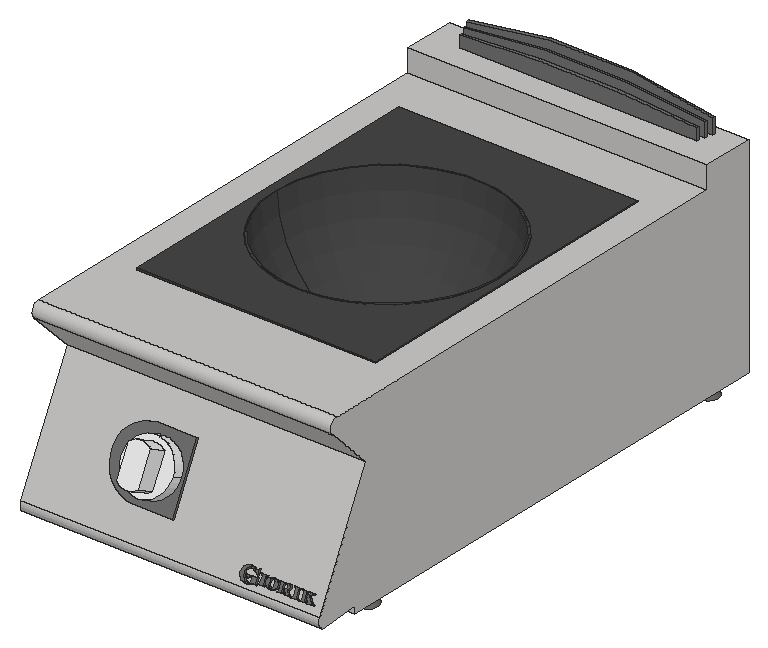
Revit family "QF_GIORIK_CW720T", category Specialty Equipment, Revit 2014
Parameters (values of type "CW720T")
  Weight in Pounds = 99.2079
  Watts = 6000 W
  Volts = 400 V
  URL Cutsheet = "www.giorik.com"
  URL = "www.giorik.com"
  Status [instance] = ""
  Specification by User [instance] = ""
  Specification by Manufacturer = ""
  Show Logo [instance] = yes
  Show Clearance [instance] = yes
  Serial Number = ""
  Seismic Rating = ""
  SMACNA No = ""
  Revision Code [instance] = ""
  Phase = 3
  Number of Poles [instance] = 3
  NAFEM Spec ID Number = ""
  Model = "CW720T"
  Min Ckt Ampacity = 0 A
  Max Overcurrent Protection = 0 A
  Masterspec = ""
  Manufacturer = "GIORIK"
  Item Number [instance] = ""
  Installed By [instance] = ""
  Identify Quantity as Lot [instance] = no
  HP = "8.046120000000"
  Furnished By [instance] = ""
  Foodservice Equipment Identifier [instance] = yes
  FL Amps = 0 A
  Electrical Remarks [instance] = ""
  Electric Connection Type [instance] = ""
  Elec Conn RI Height [instance] = 0 mm
  Elec Conn Connection Height [instance] = 20 mm
  Description = "COUNTERTOP INDUCTION WOK HOB"
  Cycle = 50 Hz
  Conn Plug = ""
  CSI MasterFormat = ""
  Assembly Code = "E1090320"
  Apparent Power = 6000 VA
Reference planes
  plane 1 "Back": y = 0
  plane 2: z = 0
  plane 3 "Left": x = 0
  plane 4 "Right": x = 400
  plane 5 "Front": y = -720
  plane 6 "Top": z = 300
Forms (mm)
  Extrusion 1, solid, visible <- "Show Logo"
    sketch origin (196.604, -736.761, 9.486) x (-1, 0, 0) y (0, 0.452718, 0.891654)
      loop
        line (-118.824, 58.358) -> (-127.804, 58.358) -> (-125.523, 56.445) -> (-125.523, 48.027) -> (-127.804, 46.113) -> (-118.824, 46.113) -> (-121.105, 48.027) -> (-121.105, 56.445) -> (-118.824, 58.358)
      loop
        line (-163.721, 58.358) -> (-172.7, 58.358) -> (-170.42, 56.445) -> (-170.42, 48.027) -> (-172.7, 46.113) -> (-163.721, 46.113) -> (-166.001, 48.027) -> (-166.001, 56.445) -> (-163.721, 58.358)
      loop
        line (-174.332, 58.358) -> (-183.312, 58.358) -> (-181.031, 56.445) -> (-181.031, 52.435) -> (-186.419, 56.955) -> (-184.416, 58.358) -> (-191.268, 58.358) -> (-188.01, 56.839) -> (-185.455, 54.283) -> (-190.846, 47.858) -> (-193.396, 46.93) -> (-193.396, 46.113) -> (-184.416, 46.113) -> (-185.437, 47.571) -> (-182.443, 51.552) -> (-181.031, 50.894) -> (-181.031, 48.027) -> (-183.312, 46.113) -> (-174.332, 46.113) -> (-176.613, 48.027) -> (-176.613, 56.445) -> (-174.332, 58.358)
      loop
        line (-115.429, 62.063) -> (-115.429, 54.198)
        arc (-115.429, 54.198) -> (-111.618, 57.803) -> (-106.847, 59.986) r 16.039
        arc (-106.847, 59.986) -> (-103.314, 59.837) -> (-100.512, 57.68) r 5.851
        arc (-100.512, 57.68) -> (-98.815, 52.267) -> (-100.512, 46.853) r 9.479
        arc (-100.512, 46.853) -> (-102.406, 44.986) -> (-104.846, 43.93) r 7.236
        arc (-104.846, 43.93) -> (-107.728, 44.111) -> (-110.052, 45.825) r 5.11
        line (-110.052, 45.825) -> (-110.052, 52.001) -> (-116.141, 52.001) -> (-116.141, 45.503) -> (-117.893, 43.751) -> (-114.094, 44.769)
        arc (-114.094, 44.769) -> (-112.56, 44.947) -> (-111.129, 44.366) r 3.115
        arc (-111.129, 44.366) -> (-104.216, 42.091) -> (-97.303, 44.366) r 11.641
        arc (-97.303, 44.366) -> (-93.396, 52.107) -> (-97.303, 59.849) r 9.622
        arc (-97.303, 59.849) -> (-104.369, 62.174) -> (-111.435, 59.849) r 11.898
        line (-111.435, 59.849) -> (-115.429, 62.063)
      loop
        arc (-129.234, 56.068) -> (-135.893, 58.628) -> (-142.552, 56.068) r 9.941
        arc (-142.552, 56.068) -> (-144.234, 52.286) -> (-142.552, 48.505) r 5.093
        arc (-142.552, 48.505) -> (-135.893, 45.945) -> (-129.234, 48.505) r 9.941
        arc (-129.234, 48.505) -> (-127.552, 52.286) -> (-129.234, 56.068) r 5.093
      loop
        arc (-132.628, 54.403) -> (-135.893, 57.668) -> (-139.158, 54.403) r 3.265
        line (-139.158, 54.403) -> (-139.158, 50.169)
        arc (-139.158, 50.169) -> (-135.893, 46.904) -> (-132.628, 50.169) r 3.265
        line (-132.628, 50.169) -> (-132.628, 54.403)
      loop
        arc (-156.363, 58.365) -> (-159.647, 55.081) -> (-156.363, 51.796) r 3.285
        line (-156.363, 51.796) -> (-159.529, 47.306) -> (-162.087, 46.113) -> (-155.847, 46.113) -> (-153.529, 51.083) -> (-150.637, 51.083) -> (-150.637, 47.784) -> (-153.022, 46.113) -> (-144.011, 46.113) -> (-146.094, 47.68) -> (-146.094, 56.493) -> (-144.229, 58.365) -> (-156.363, 58.365)
      loop
        line (-150.637, 57.512) -> (-153.637, 57.512)
        arc (-153.637, 57.512) -> (-156.237, 54.912) -> (-153.637, 52.312) r 2.6
        line (-153.637, 52.312) -> (-150.637, 52.312) -> (-150.637, 57.512)
      loop
        line (-108.924, 52.001) -> (-104.936, 49.005) -> (-100.948, 52.001) -> (-108.924, 52.001)
    from 1.5 to -0.5
  Extrusion 2, solid
    sketch origin (0, 1000, -620) x (0, 1, 0) y (0, 0, 1)
      loop
        line (-1000, 919.988) -> (-1070, 919.988) -> (-1070, 889.988) -> (-1688.806, 889.988)
        arc (-1688.806, 889.988) -> (-1699.151, 883.075) -> (-1696.724, 870.873) r 11.197
        line (-1696.724, 870.873) -> (-1640.876, 815.025) -> (-1718.948, 661.258)
        arc (-1718.948, 661.258) -> (-1718.233, 650.105) -> (-1708.118, 645.354) r 10.981
        line (-1708.118, 645.354) -> (-1660, 649.925) -> (-1660, 640) -> (-1000, 640) -> (-1000, 919.988)
    from 0 to 400
  Extrusion 3, solid
    sketch origin (-273.221, -963.345, -547.637) x (1, 0, 0) y (0, 0.452718, 0.891654)
      loop
        line (463.221, 676.25) -> (463.221, 766.25) -> (409.698, 766.25)
        arc (409.698, 766.25) -> (364.698, 721.25) -> (409.698, 676.25) r 45
        line (409.698, 676.25) -> (463.221, 676.25)
    from 48 to 50
  Extrusion 4, solid
    sketch origin (501.331, -1008.697, -525.041) x (-1, 0, 0) y (0, -0.45351, -0.891251)
      loop
        circle (351.331, -721.346) r 35
    from 0 to 15
  Extrusion 5, solid
    sketch origin (501.331, -1008.697, -525.041) x (-1, 0, 0) y (0, -0.45351, -0.891251)
      loop
        arc (336.331, -743.846) -> (351.331, -748.846) -> (366.331, -743.846) r 25
        line (366.331, -743.846) -> (366.331, -698.846)
        arc (366.331, -698.846) -> (351.331, -693.846) -> (336.331, -698.846) r 25
        line (336.331, -698.846) -> (336.331, -743.846)
    from 15 to 40
  Extrusion 6, solid
    sketch origin (-94, 0, -610.002) x (1, 0, 0) y (0, 0, 1)
      loop
        line (135, 909.989) -> (453, 909.989) -> (453, 925.527) -> (347.056, 931.749) -> (240.944, 931.749) -> (135, 925.527) -> (135, 909.989)
    from 32 to 35
  Extrusion 7, solid
    sketch origin (-92, 10, -610.002) x (1, 0, 0) y (0, 0, 1)
      loop
        line (454, 909.989) -> (454, 928.527) -> (346.162, 939.193) -> (237.838, 939.193) -> (130, 928.527) -> (130, 909.989) -> (454, 909.989)
    from 32 to 35
  Extrusion 8, solid
    sketch origin (-90, 20, -610.002) x (1, 0, 0) y (0, 0, 1)
      loop
        line (455, 909.989) -> (455, 930.527) -> (345.396, 947.413) -> (234.604, 947.413) -> (125, 930.527) -> (125, 909.989) -> (455, 909.989)
    from 32 to 35
  Extrusion 9, solid
    sketch origin (-4, 0, 0) x (1, 0, 0) y (0, 1, 0)
      loop
        circle (54, -385) r 12.5
    from 5 to 20
  Extrusion 10, solid
    sketch origin (543.603, 45.293, -30) x (0, 1, 0) y (-1, 0, 0)
      loop
        circle (-79.293, 516.603) r 5
    from 41.965 to 50
  Revolve 11, solid
    sketch origin (27, 49.943, -600) x (0, 1, 0) y (0, 0, 1)
      loop
        line (-83.943, 611.965) -> (-94.752, 611.965) -> (-97.943, 600) -> (-83.943, 600) -> (-83.943, 611.965)
      axis (-83.943, 611.965) -> (-83.943, 600)
    angle from 0 to 360
  Extrusion 12, solid
    sketch origin (543.603, -524.707, -30) x (0, 1, 0) y (-1, 0, 0)
      loop
        circle (-79.293, 516.603) r 5
    from 41.965 to 50
  Revolve 13, solid
    sketch origin (27, -520.057, -600) x (0, 1, 0) y (0, 0, 1)
      loop
        line (-83.943, 611.965) -> (-94.752, 611.965) -> (-97.943, 600) -> (-83.943, 600) -> (-83.943, 611.965)
      axis (-83.943, 611.965) -> (-83.943, 600)
    angle from 0 to 360
  Extrusion 14, solid
    sketch origin (-143.603, 45.293, -30) x (0, 1, 0) y (-1, 0, 0)
      loop
        circle (-79.293, -516.603) r 5
    from 41.965 to 50
  Revolve 15, solid
    sketch origin (373, 49.943, -600) x (0, 1, 0) y (0, 0, -1)
      loop
        line (-83.943, -611.965) -> (-83.943, -600) -> (-97.943, -600) -> (-94.752, -611.965) -> (-83.943, -611.965)
      axis (-83.943, -611.965) -> (-83.943, -600)
    angle from 0 to 360
  Extrusion 16, solid
    sketch origin (-143.603, -524.707, -30) x (0, 1, 0) y (-1, 0, 0)
      loop
        circle (-79.293, -516.603) r 5
    from 41.965 to 50
  Revolve 17, solid
    sketch origin (373, -520.057, -600) x (0, 1, 0) y (0, 0, -1)
      loop
        line (-83.943, -611.965) -> (-83.943, -600) -> (-97.943, -600) -> (-94.752, -611.965) -> (-83.943, -611.965)
      axis (-83.943, -611.965) -> (-83.943, -600)
    angle from 0 to 360
  Revolve 18, solid
    sketch origin (-0.001, -355, 271.988) x (1, 0, 0) y (0, 0, 1)
      loop
        arc (200, -148) -> (95.348, -104.652) -> (52, 0) r 148
        line (52, 0) -> (50, 0)
        arc (50, 0) -> (93.934, -106.066) -> (200, -150) r 150
        line (200, -150) -> (200, -148)
      axis (200, 0) -> (200, -150)
    angle from 0 to 360
  Extrusion 19, solid
    sketch origin (0, 0, 269.988) x (0, 1, 0) y (-1, 0, 0)
      loop
        line (-575, -359.999) -> (-135, -359.999) -> (-135, -39.999) -> (-575, -39.999) -> (-575, -359.999)
      loop
        circle (-355, -199.999) r 150
    from 0 to 2
  Revolve 20, void
    sketch origin (-0.001, -355, 270.988) x (1, 0, 0) y (0, 0, 1)
      loop
        arc (50, 0) -> (93.934, -106.066) -> (200, -150) r 150
        line (200, -150) -> (200, 0) -> (50, 0)
      axis (200, 0) -> (200, -150)
    angle from 0 to 360
Cuts and joins
  Revolve 20 cuts Extrusion 2
Lines and regions (mm)
  symbolic lines, style "200-EquipBorder-2D"
    curve 1: line (0, -720, 0) -> (400, -720, 0)
    curve 2: line (400, -720, 0) -> (400, 0, 0)
    curve 3: line (400, 0, 0) -> (0, 0, 0)
    curve 4: line (0, 0, 0) -> (0, -720, 0)
  symbolic lines, style "200-EquipInternal-2D"
    curve 5: line (0, -70, 300) -> (400, -70, 300)
    curve 6: line (35, -12, 900) -> (365, -12, 900)
    curve 7: line (365, -12, 900) -> (365, -15, 900)
    curve 8: line (365, -15, 900) -> (35, -15, 900)
    curve 9: line (35, -15, 900) -> (35, -12, 900)
    curve 10: line (38, -22, 900) -> (362, -22, 900)
    curve 11: line (362, -22, 900) -> (362, -25, 900)
    curve 12: line (362, -25, 900) -> (38, -25, 900)
    curve 13: line (38, -25, 900) -> (38, -22, 900)
    curve 14: line (41, -32, 900) -> (359, -32, 900)
    curve 15: line (359, -32, 900) -> (359, -35, 900)
    curve 16: line (359, -35, 900) -> (41, -35, 900)
    curve 17: line (41, -35, 900) -> (41, -32, 900)
    curve 18: circle (199.999, -355, 300) r 150 normal (0, 0, 1)
    curve 19: line (359.999, -575, 300) -> (359.999, -135, 300)
    curve 20: line (39.999, -135, 300) -> (39.999, -575, 300)
    curve 21: line (39.999, -575, 300) -> (359.999, -575, 300)
    curve 22: line (359.999, -135, 300) -> (39.999, -135, 300)
Dimensions and locks
  plane 3 "Left" to plane 4 "Right" = 400 mm
  plane 5 "Front" to plane 1 "Back" = 720 mm
  plane 4 "Right" to plane 3 "Left" = 400 mm
  plane 1 "Back" to plane 5 "Front" = 720 mm
  plane 6 "Top" to level = 300 mm  (x2)
  aligned and locked: level to plane 2
Connectors
  electrical at (50, -385, 5), driven by "Apparent Power", driven by "Volts", driven by "Number of Poles"
    settings: on Extrusion 9, index 6, voltage 400 V, apparent load 0 VA, apparent load phase1 6000 VA, apparent load phase2 0 VA, apparent load phase3 0 VA, power factor 1, load classification "Other", number of poles 3, system type 31, power factor state 1, is connector primary yes, connector utility no, sub classification motor no, connector description "Electrical connection"
